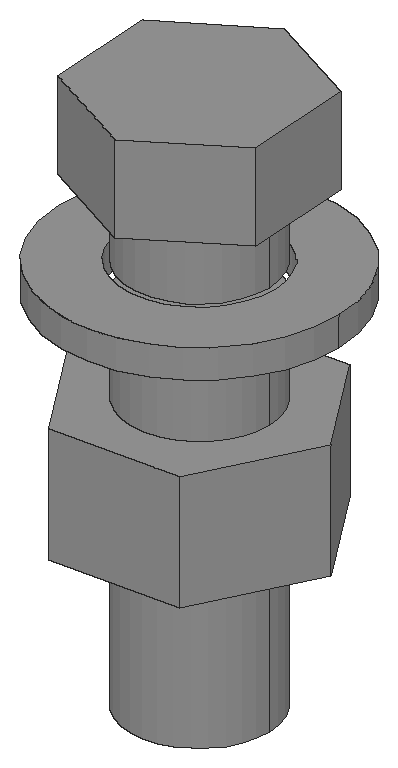
Revit family "Sechskantschraube - SKS 12x40 F", category Generic Models, Revit 2017
Family settings
  Can host rebar = No
  Round Connector Dimension = Use Diameter
  Part Type = Normal
  Work Plane-Based = No
  Always vertical = Yes
  Cut with Voids When Loaded = No
  Shared = No
  Room Calculation Point = No
Parameters (values of type "SKS 12x40 F")
  URL = "http://www.obo-bettermann.com"
  SW = 19 mm
  Material = Tauchfeuerverzinkt
  Manufacturer Art.No. = "3163113"
  Manufacturer = "OBO BETTERMANN"
  Length = 40 mm
  GTIN = "4012195258131"
  Diameter = 12 mm
  Article Type = "SKS 12x40 F"
Reference planes
  plane 1 "Center (Front/Back)": y = 0
  plane 2: z = 0
  plane 3 "Center (Left/Right)": x = 0
  plane 4: z = 40
  plane 5: z = 39.4
  plane 6: z = 47.5
  plane 7: z = 23.546
  plane 8: z = 13.546
  plane 9: z = 34.044
  plane 10: z = 31.546
Forms (mm)
  Extrusion 1, solid, material "Tauchfeuerverzinkt" <- "Material"
    sketch origin (0, 0, 0) x (1, 0, 0) y (0, 1, 0)
      loop
        circle (0, 0) r 6.002
    from 0 to 40
  Extrusion 2, solid, material "Tauchfeuerverzinkt" <- "Material"
    sketch origin (0, 0, 0) x (1, 0, 0) y (0, 1, 0)
      loop
        circle (0, 0) r 7
    from 39.4 to 40
  Extrusion 3, solid, material "Tauchfeuerverzinkt" <- "Material"
    sketch origin (0, 0, 0) x (1, 0, 0) y (0, 1, 0)
      loop
        line (8.369, -4.45) -> (8.038, 5.023) -> (-0.331, 9.473) -> (-8.369, 4.45) -> (-8.038, -5.023) -> (0.331, -9.473) -> (8.369, -4.45)
    from 40 to 47.5
  Extrusion 4, solid, material "Tauchfeuerverzinkt" <- "Material"
    sketch origin (0, 0, 0) x (1, 0, 0) y (0, 1, 0)
      loop
        line (5.138, 9.664) -> (-5.8, 9.282) -> (-10.938, -0.382) -> (-5.138, -9.664) -> (5.8, -9.282) -> (10.938, 0.382) -> (5.138, 9.664)
    from 13.546 to 23.546
  Extrusion 5, solid, material "Tauchfeuerverzinkt" <- "Material"
    sketch origin (0, 0, 0) x (1, 0, 0) y (0, 1, 0)
      loop
        circle (0, 0) r 11.965
    from 31.546 to 34.044
  Extrusion 6, void
    sketch origin (0, 0, 0) x (1, 0, 0) y (0, 1, 0)
      loop
        circle (0, 0) r 6.5
    from 31.546 to 34.044
Cuts and joins
  Extrusion 6 cuts Extrusion 1
  Extrusion 6 cuts Extrusion 2
  Extrusion 6 cuts Extrusion 3
  Extrusion 6 cuts Extrusion 4
  Extrusion 6 cuts Extrusion 5
Dimensions and locks
  locked: plane 3 "Center (Left/Right)" to Extrusion 1 sketch curve
  locked: plane 3 "Center (Left/Right)" to Extrusion 1 sketch curve at 6.002
  locked: plane 4 to level at 40
  locked: plane 3 "Center (Left/Right)" to Extrusion 2 sketch curve
  locked: plane 3 "Center (Left/Right)" to Extrusion 2 sketch curve at 7
  locked: plane 4 to plane 5 at 0.6
  locked: Extrusion 3 sketch curve to Extrusion 3 sketch curve at 18.958
  locked: Extrusion 3 sketch curve to plane 3 "Center (Left/Right)" at 8.209
  locked: plane 6 to plane 4 at 7.5
  locked: Extrusion 4 sketch curve to Extrusion 4 sketch curve at 21.89
  locked: plane 3 "Center (Left/Right)" to Extrusion 5 sketch curve
  locked: plane 3 "Center (Left/Right)" to Extrusion 5 sketch curve at 11.965
  aligned and locked: level to plane 2
  aligned and locked: Extrusion 1 to level
  aligned and locked: plane 4 to Extrusion 1
  aligned and locked: Extrusion 2 to Extrusion 1
  aligned and locked: Extrusion 2 to plane 5
  aligned and locked: Extrusion 3 to Extrusion 1
  aligned and locked: plane 6 to Extrusion 3
  aligned and locked: Extrusion 4 to plane 8
  aligned and locked: plane 7 to Extrusion 4
  aligned and locked: Extrusion 5 to plane 10
  aligned and locked: plane 9 to Extrusion 5
  aligned and locked: Extrusion 6 to plane 10
  aligned and locked: plane 9 to Extrusion 6
